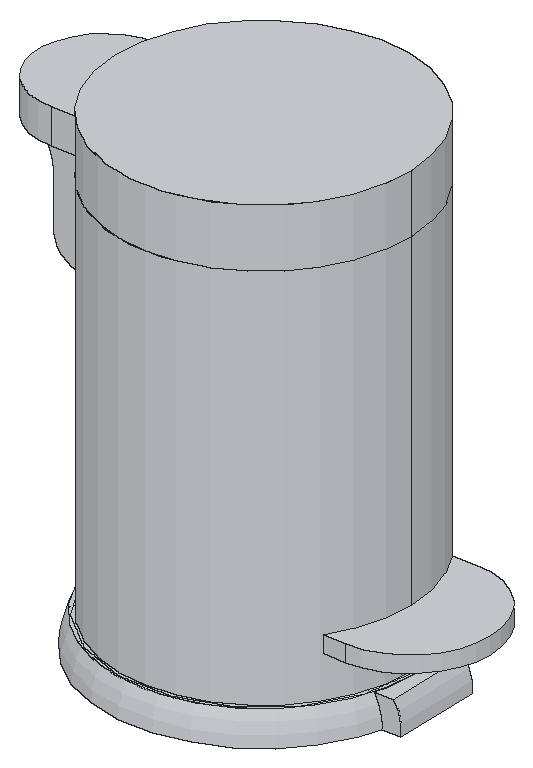
Revit family "AX8405_0013", category Appareils sanitaires, Revit 2016
Family settings
  Type d'élément = Normal
  Cote de connecteur circulaire = Utiliser le diamètre
  Basée sur le plan de construction = Non
  Toujours verticalement = Oui
  Couper avec des vides une fois chargée = Non
  Partagée = Non
  Point de calcul de pièce = Non
Parameters
  URL = "http://www.axeuro.com/fr/hygiene-feminine/15292-poubelle-a-pedale-3l-ax8405.html?search_query=ax8405&results=2"
  Type de produit / Type of product = "Poubelle à pédale de 3 litres / 3L pedal trash can"  # constant formula
  Référence / Reference = "AX8405, AX8405P"  # constant formula
  Model = ""
  Manufacturer = ""
  Entreprise / Company = "Axeuro"  # constant formula
  Description = ""
Reference planes
  plane 1 "Centre (avant/arrière)": y = 0
  plane 2: z = 0
  plane 3 "Centre (gauche/droite)": x = 0
Forms (mm)
  Extrusion 1, solid
    sketch origin (0, 0, 0) x (1, 0, 0) y (0, 1, 0)
      loop
        circle (0, 0) r 85
    from 17.994 to 242.008
  Extrusion 2, solid
    sketch origin (0, 0, 0) x (1, 0, 0) y (0, 1, 0)
      loop
        circle (0, 0) r 85
    from 242.008 to 276.05
  Extrusion 3, solid
    sketch origin (0.012, 0.854, 0) x (1, 0, 0) y (0, 1, 0)
      loop
        line (-72.851, 37.049) -> (-92.17, 37.049)
        arc (-92.17, 37.049) -> (-130.02, -0.801) -> (-92.17, -38.651) r 37.85
        line (-92.17, -38.651) -> (-72.851, -38.651) -> (-72.851, 37.049)
    from 243.08 to 263.08
  Revolve 4, solid
    sketch origin (0, 0, 0) x (1, 0, 0) y (0, 0, 1)
      loop
        line (0, 17.994) -> (0, 0) -> (92.5, 0)
        arc (92.5, 0) -> (91.264, 9.269) -> (87.898, 17.994) r 39.78
        line (87.898, 17.994) -> (86.932, 17.994) -> (0, 17.994)
      axis (0, 17.994) -> (0, 0)
    angle from 0 to 360
  Extrusion 5, solid
    sketch origin (0, 0, 0) x (1, 0, 0) y (0, 0, 1)
      loop
        line (80.813, 0) -> (99.483, 0)
        arc (99.483, 0) -> (98.68, 9.285) -> (95.362, 17.994) r 33.664
        line (95.362, 17.994) -> (80.813, 17.994) -> (80.813, 0)
    from -25.5 to 25.5
  Extrusion 6, solid
    sketch origin (0, 0, 0) x (1, 0, 0) y (0, 0, 1)
      loop
        line (-76.134, 174.453) -> (-76.134, 243.08) -> (-115.44, 243.08)
        arc (-115.44, 243.08) -> (-106.195, 233.175) -> (-102.839, 220.049) r 27.347
        line (-102.839, 220.049) -> (-102.839, 187.732)
        arc (-102.839, 187.732) -> (-92.738, 174.554) -> (-76.134, 174.453) r 18.878
    from -22.641 to 22.775
  Extrusion 7, solid
    sketch origin (0, 0, 0) x (1, 0, 0) y (0, 1, 0)
      loop
        line (84.478, 46.436) -> (68.476, 46.436) -> (68.476, -46.564) -> (84.478, -46.564)
        arc (84.478, -46.564) -> (130.978, -0.064) -> (84.478, 46.436) r 46.5
    from 42.515 to 52.015
  Extrusion 8, void
    sketch origin (0, 0, 0) x (1, 0, 0) y (0, 1, 0)
      loop
        circle (0, 0) r 85
    from 163.322 to 305
Cuts and joins
  Extrusion 8 cuts Extrusion 7
  joined: Extrusion 1, Extrusion 7
  Extrusion 8 cuts Extrusion 3
  joined: Extrusion 2, Extrusion 3
  Extrusion 8 cuts Revolve 4
  Extrusion 8 cuts Extrusion 5
  Extrusion 8 cuts Extrusion 6
Dimensions and locks
  radius of Extrusion 1 sketch curve = 85 mm
  aligned and locked: level to plane 2
